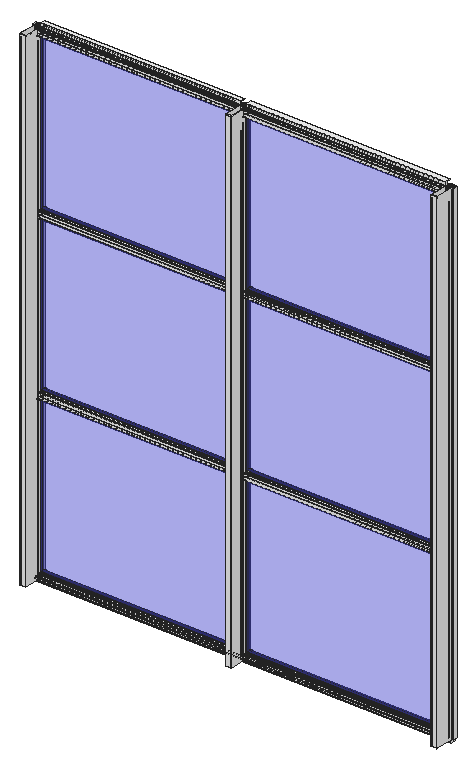
Revit family "Facade_60_Curtain_Wall_S23_Standard", category Windows, host Wall, Revit 2014
Parameters (values of type "F60-S23-4250-1000Pa")
  Windload Design [instance] = if(Custom Windload < 1001 mm, 1000 mm, if(Custom Windload < 1501 mm, 1500 mm, 2000 mm))  # 1000 mm
  Width [instance] = if(Custom Curtain Wall Width < Limit Door Width Min, Limit Door Width Min, if(Custom Curtain Wall Width > Limit Door Width Max, Limit Door Width Max, Custom Curtain Wall Width))  # 4190 mm
  Wall Thickness [instance] = 200 mm
  Vertical Profile Length [instance] = Height - Frame Bottom Gap  # 4960 mm
  URL = "http://www.crealco.co.za/crealco-products.php"
  Type Comments = ""
  Transom Vertical Spacing [instance] = (Height - Frame Bottom Gap - (4 mm * 60)) / 3  # 1573.333 mm
  Top Transom Top Gap [instance] = Transom Vertical Spacing + 60 mm  # 1633.333 mm
  Top Profile Overhang = 5.9 mm  # constant formula
  Thermal Resistance (R) [instance] = if(IGDB or SAGDB Number = 100100, 1.0000 (m²·K)/W / Intruderprufe U Value, if(IGDB or SAGDB Number = 100100, 1.0000 (m²·K)/W / Intruderprufe U Value, if(IGDB or SAGDB Number = 105003, 1.0000 (m²·K)/W / Intruderprufe Insulated U Value, if(IGDB or SAGDB Number = 105004, 1.0000 (m²·K)/W / Intruderprufe Insulated LowE U Value, 1.0000 (m²·K)/W / 7.9)))) * 1  # 0.126582 (m²·K)/W
  Thermal Break Material = Plastic, Opaque Black
  Solar Heat Gain Coefficient [instance] = if(IGDB or SAGDB Number = 100100, Intruderprufe SHGC Value, if(IGDB or SAGDB Number = 103200, Intruderprufe LowE SHGC Value, if(IGDB or SAGDB Number = 105003, Intruderprufe Insulated SHGC Value, if(IGDB or SAGDB Number = 105004, Intruderprufe Insulated LowE SHGC Value, 0))))  # 0
  Single Glazing [instance] = if(DG Forced, 1 = 0, not(Double Glazing))  # no
  Sill Height = 85 mm  # constant formula
  SG Forced [instance] = not(DG Forced)  # no
  Quarter Expansion Break = no
  Overall Width [instance] = 4190 mm
  Overall Height [instance] = 4990 mm
  Mullion Side Gap [instance] = (Width / 2) - 30 mm  # 2065 mm
  Mullion Configuration [instance] = if(Windload Design = 1000 mm, if(not(Height > 2490 mm), 1 mm, if(and(not(Height > 4990 mm), not(Width > 1790 mm)), 2 mm, 3 mm)), if(Windload Design = 1500 mm, if(Height > 2490 mm, 3 mm, if(Width > 2990 mm, 2 mm, 1 mm)), if(Height > 2490 mm, 3 mm, if(Width > 1790 mm, 2 mm, 1 mm))))  # 3 mm
  Model = "Façade 60 "  # constant formula
  Half Expansion Break = no
  Bottom Transom Bottom Gap [instance] = Transom Vertical Spacing + 30 mm + 60 mm  # 1663.333 mm
  Mid Glazing Bottom Gap [instance] = Frame Bottom Gap + 60 mm + Transom Vertical Spacing + 39.8 mm  # 1703.133 mm
  Max System DG Unit Thickness = 25 mm  # constant formula
  Max System DG One Piece Thickness [instance] = rounddown((Max System DG Unit Thickness - DG Gasket Thickness) / 2 mm) * 1 mm  # 6 mm
  Max Pane Area [instance] = Glazing Width * Glazing Height  # 3.30073 m²
  Manufacturer = "Crealco"  # constant formula
  Limit Door Width Min = (2 * Limit Panel Width Min) + (2 * Glazing Side Gap) + 19.6 mm  # 699.2 mm
  Limit Door Width Max = (2 * Limit Panel Width Max) + (2 * Glazing Side Gap) + 19.6 mm  # 6099.2 mm
  Limit Door Height Min = (3 * Limit Panel Height Min) + 69.8 mm + (2 mm * 19.6) + 39.8 mm  # 1048.8 mm
  Limit Door Height Max = (3 * Limit Panel Height Max) + 69.8 mm + (2 mm * 19.6) + 39.8 mm  # 18148.8 mm
  Limit Panel Width Min = 300 mm  # constant formula
  Limit Panel Width Max = 3000 mm  # constant formula
  Limit Panel Height Min = 300 mm  # constant formula
  Limit Panel Height Max = 6000 mm  # constant formula
  Sill Length [instance] = Width  # 4190 mm
  Length Sill [instance] = Width  # 4190 mm
  Keynote = ""
  Jamb Width = 60 mm  # constant formula
  Intruderprufe U Value = 5.71
  Intruderprufe SHGC Value = 0.716
  Intruderprufe LowE U Value = 4.17
  Intruderprufe LowE SHGC Value = 0.627
  Intruderprufe Insulated U Value = 3
  Intruderprufe Insulated SHGC Value = 0.616
  Intruderprufe Insulated LowE U Value = 2.34
  Intruderprufe Insulated LowE SHGC Value = 0.555
  Horizontal Profile Length [instance] = (Width - (2 * Jamb Width) - 60 mm) / 2  # 2005 mm
  Glazing Width [instance] = Horizontal Profile Length + (2 mm * 20.2)  # 2045.4 mm
  Glazing Top Gap = 39.8 mm  # constant formula
  Glazing Side Gap = 39.8 mm  # constant formula
  Glazing Height [instance] = (Height - Glazing Top Gap - Glazing Bottom Gap - (2 * (60 mm - 20.2 mm - 20.2 mm))) / 3  # 1613.733 mm
  Glazing Gap SG [instance] = (14 mm - SG Thickness) / 2  # 3 mm
  Glazing Gap DG [instance] = (28 mm - (DG Thickness + DG Thickness + DG Gasket Thickness)) / 2  # 2 mm
  Glazing Bottom Gap = 69.8 mm  # constant formula
  Frame Thickness = 101.8 mm  # constant formula
  Frame Bottom Gap = 30 mm  # constant formula
  Door Leaf Height [instance] = 2050 mm
  Double Glazing [instance] = yes
  DG Thickness Calc [instance] = if(not(Max Pane Area > 1.125 m²), 4 mm, if(not(Max Pane Area > 2.25 m²), 4 mm, if(not(Max Pane Area > 3.15 m²), 5 mm, if(not(Max Pane Area > 4.35 m²), 6 mm, if(not(Max Pane Area > 6.45 m²), 8 mm, 10 mm)))))  # 6 mm
  DG Thickness [instance] = if(IGDB or SAGDB Number = 105003, 6 mm, if(IGDB or SAGDB Number = 105004, 7 mm, if(DG Thickness Calc > Max System DG One Piece Thickness, Max System DG One Piece Thickness, DG Thickness Calc)))  # 6 mm
  DG Gasket Thickness = 12 mm  # constant formula
  DG Gasket Finish [instance] = Double Glazing Gasket Material
  DG Forced [instance] = if(IGDB or SAGDB Number = 100100, 1 = 0, if(IGDB or SAGDB Number = 103200, 1 = 0, if(IGDB or SAGDB Number = 105003, 1 = 1, if(IGDB or SAGDB Number = 105004, 1 = 1, Double Glazing))))  # yes
  IGDB or SAGDB Number [instance] = 0
  Height [instance] = if(Custom Curtain Wall Height < Limit Door Height Min, Limit Door Height Min, if(Custom Curtain Wall Height > Limit Door Height Max, Limit Door Height Max, Custom Curtain Wall Height))  # 4990 mm
  Heat Transfer Coefficient (U) [instance] = if(IGDB or SAGDB Number = 100100, Intruderprufe U Value, if(IGDB or SAGDB Number = 103200, Intruderprufe LowE U Value, if(IGDB or SAGDB Number = 105003, Intruderprufe Insulated U Value, if(IGDB or SAGDB Number = 105004, Intruderprufe Insulated LowE U Value, 7.9)))) * 1.0000 W/(m²·K)  # 7.9000 W/(m²·K)
  SG Thickness [instance] = if(IGDB or SAGDB Number = 100100, 6 mm, if(IGDB or SAGDB Number = 103200, 7 mm, if(not(Max Pane Area > 0.75 m²), 4 mm, if(not(Max Pane Area > 1.50 m²), 4 mm, if(not(Max Pane Area > 2.10 m²), 5 mm, if(not(Max Pane Area > 2.90 m²), 6.4 mm, if(not(Max Pane Area > 4.30 m²), 8 mm, 10 mm)))))))  # 8 mm
  Glazing Material [instance] = if(IGDB or SAGDB Number = 100100, "PFG INTRUDERPRUFE 6.38mm", if(IGDB or SAGDB Number = 103200, "PFG INTRUDERPRUFE LOW-E 7.38mm", if(IGDB or SAGDB Number = 105003, "PFG 25mm INTRUDERPRUFE INSULATED GLASS", if(IGDB or SAGDB Number = 105004, "PFG 25mm INTRUDERPRUFE INSULATED GLASS LOW-E", "Unknown"))))  # "Unknown"
  Glazing Finish [instance] = Glass
  Glazing Code [instance] = if(IGDB or SAGDB Number = 100100, "LAM01", if(IGDB or SAGDB Number = 103200, "LAM01E", if(IGDB or SAGDB Number = 105003, "IGU25", if(IGDB or SAGDB Number = 105004, "IGU25E", "Unknown"))))  # "Unknown"
  Frame Offset From Exterior [instance] = if(Centered In Wall, (Wall Thickness - Frame Thickness) / 2, Custom Offset From Exterior) + 5.9 mm  # 55 mm
  Description = "Curtain wall, S23 "  # constant formula
  Default Sill Height = 0 mm
  Wall Closure = By host
  Custom Curtain Wall Width = 4190 mm
  Custom Curtain Wall Height = 4990 mm
  Custom Windload = 1000 mm
  Custom Offset From Exterior = 0 mm
  Centered In Wall [instance] = 1 = 1  # yes
  Aluminium Finish [instance] = White Powder Coated Aluminium ANP 1052
  All Available Glazing Numbers [instance] = "The rows below list the available glazing materials for this window:"  # constant formula
  190mm Mullion [instance] = if(Mullion Configuration = 3 mm, 1 = 1, 1 = 0)  # yes
  160mm Mullion [instance] = if(Mullion Configuration = 2 mm, 1 = 1, 1 = 0)  # no
  105004 [instance] = "IGU25E"  # constant formula
  105003 [instance] = "IGU25"  # constant formula
  103200 [instance] = "LAM01E"  # constant formula
  100mm Mullion [instance] = if(or(Mullion Configuration = 2 mm, Mullion Configuration = 3 mm), 1 = 0, 1 = 1)  # no
  100100 [instance] = "LAM01"  # constant formula
Reference planes
  plane 1 "Center (Front/Back)": y = 0
  plane 2 "Center (Left/Right)": x = 0
  plane 3 "Left": x = -2095
  plane 4 "Right": x = 2095
  plane 5 "Sill": z = 0
  plane 6 "Head": z = 4990
  plane 7 "Exterior": y = 100
  plane 8 "Interior": y = -100
Lines and regions (mm)
  Opening 1
    outline origin (3507.082, -100, 0) x (1, 0, 0) y (0, 0, 1)
      loop
        line (-1412.082, 0) -> (-1412.082, 4990) -> (-5602.082, 4990) -> (-5602.082, 0) -> (-1412.082, 0)
Text (mm)
  text "EXTERIOR" at (-1963.203, 1332.353, 0), in view "Ref. Level"
  text "INTERIOR" at (-1981.466, -818.386, 0), in view "Ref. Level"
  text "Exterior" at (0, 923.751, 2943.296), in view "Right"
  text "Exterior" at (0, 1040.484, 2685.409), in view "Left"
Dimensions and locks
  equal spacing: plane 3 "Left", plane 2 "Center (Left/Right)", plane 4 "Right"
  "Width": plane 3 "Left" to plane 4 "Right"
  "Height": plane 5 "Sill" to plane 6 "Head"
  "Default Sill Height": plane 5 "Sill" to level
  locked: plane 7 "Exterior" to host wall at 0
  locked: plane 8 "Interior" to host wall
  "Overall Height": plane 6 "Head" to plane 5 "Sill"
  "Overall Width": plane 3 "Left" to plane 4 "Right"
  "Wall Thickness": host wall to host wall
  "Jamb Width": nested 3 to plane 4 "Right"
  "Jamb Width": nested 5 to plane 4 "Right"
  "Frame Bottom Gap": nested 5 to level
  "Frame Offset From Exterior": nested 1 to plane 7 "Exterior"
  "Glazing Side Gap": nested 6 to plane 4 "Right"
  "Glazing Top Gap": nested 6 to plane 6 "Head"
  "Glazing Gap SG": nested 6 to nested 1
  "Glazing Side Gap": nested 7 to plane 4 "Right"
  "Glazing Top Gap": nested 7 to plane 6 "Head"
  "Glazing Gap DG": nested 7 to nested 1
  "Mullion Side Gap": nested 8 to plane 4 "Right"
  "Frame Bottom Gap": nested 8 to level
  "Jamb Width": plane 3 "Left" to nested 10
  "Jamb Width": plane 3 "Left" to nested 9
  "Glazing Side Gap": plane 3 "Left" to nested 11
  "Glazing Side Gap": plane 3 "Left" to nested 12
  "Glazing Gap SG": nested 2 to nested 12
  "Glazing Gap DG": nested 2 to nested 11
  "Glazing Bottom Gap": nested 11 to level
  "Glazing Bottom Gap": nested 12 to level
  "Frame Bottom Gap": nested 9 to level
  "Bottom Transom Bottom Gap": nested 13 to level
  "Jamb Width": plane 3 "Left" to nested 13
  "Jamb Width": nested 14 to plane 4 "Right"
  "Glazing Bottom Gap": nested 15 to level
  "Glazing Bottom Gap": nested 16 to level
  "Glazing Top Gap": nested 17 to plane 6 "Head"
  "Glazing Top Gap": nested 18 to plane 6 "Head"
  "Glazing Side Gap": plane 3 "Left" to nested 18
  "Glazing Side Gap": plane 3 "Left" to nested 17
  "Glazing Side Gap": nested 15 to plane 4 "Right"
  "Glazing Side Gap": nested 16 to plane 4 "Right"
  "Glazing Gap SG": nested 16 to nested 1
  "Glazing Gap DG": nested 15 to nested 1
  "Glazing Gap SG": nested 2 to nested 18
  "Glazing Gap DG": nested 2 to nested 17
  "Jamb Width": nested 19 to plane 4 "Right"
  "Jamb Width": plane 3 "Left" to nested 20
  "Mid Glazing Bottom Gap": nested 22 to level
  "Mid Glazing Bottom Gap": nested 24 to level
  "Mid Glazing Bottom Gap": nested 21 to level
  "Mid Glazing Bottom Gap": nested 23 to level
  "Glazing Side Gap": plane 3 "Left" to nested 23
  "Glazing Side Gap": plane 3 "Left" to nested 21
  "Glazing Side Gap": nested 24 to plane 4 "Right"
  "Glazing Side Gap": nested 22 to plane 4 "Right"
  "Glazing Gap DG": nested 2 to nested 21
  "Glazing Gap SG": nested 2 to nested 23
  "Glazing Gap DG": nested 22 to nested 1
  "Glazing Gap SG": nested 24 to nested 1
  "Bottom Transom Bottom Gap": nested 14 to level
  "Top Transom Top Gap": nested 19 to plane 6 "Head"
  "Top Transom Top Gap": nested 20 to plane 6 "Head"
  host wall to host wall = 6600 mm
  aligned and locked: plane 4 "Right" to nested 1
  aligned and locked: nested 1 to plane 6 "Head"
  aligned and locked: plane 3 "Left" to nested 2
  aligned and locked: plane 6 "Head" to nested 2
  aligned and locked: nested 3 to plane 6 "Head"
  aligned and locked: nested 4 to level
  aligned and locked: plane 4 "Right" to nested 4
  aligned and locked: nested 1 to nested 2
  aligned and locked: nested 5 to nested 4
  aligned and locked: nested 8 to nested 2
  aligned and locked: nested 10 to plane 6 "Head"
  aligned and locked: nested 5 to nested 10
  aligned and locked: nested 5 to nested 9
  aligned and locked: nested 10 to nested 3
  aligned and locked: nested 10 to nested 2
  aligned and locked: nested 13 to nested 10
  aligned and locked: nested 14 to nested 3
  aligned and locked: nested 20 to nested 10
  aligned and locked: nested 19 to nested 3
Automatic sketch dimensions
  plane 3 "Left" to Opening 1 sketch curve = 0 mm
  plane 4 "Right" to Opening 1 sketch curve = 0 mm
  Opening 1 sketch curve to plane 5 "Sill" = 0 mm
  Opening 1 sketch curve to plane 6 "Head" = 0 mm
Nested families
  nested 1: "F60 Vertical Profile Side_S23_Std" at (2095, -1.058, 30) x (-1, 0, 0) z (0, 0, 1), Thermal Break Material <- "Thermal Break Material", Profile Material <- "Aluminium Finish", Length <- "Vertical Profile Length", Single Glazing <- "SG Forced", Double Glazing <- "DG Forced", 100mm Mullion <- "100mm Mullion", 160mm Mullion <- "160mm Mullion", 190mm Mullion <- "190mm Mullion", Quarter Expansion Break <- "Quarter Expansion Break", Half Expansion Break <- "Half Expansion Break", type "F60 Vertical Profile Side_S23_Std"
    with Thermal Break Material Plastic, Opaque Black, Single Glazing no, Quarter SG Expansion Break no, Quarter Length 1240 mm, Quarter Expansion Break no, Quarter DG Expansion Break no, Quarter 190mm Expansion Break no, Quarter 160mm Expansion Break no, Quarter 100mm Expansion Break no, Profile Material White Powder Coated Aluminium ANP 1052, Length 4960 mm, Half SG Expansion Break no, Half Length 2480 mm, Half Expansion Break no, Half DG Expansion Break no, Half 190mm Expansion Joint no, Half 160mm Expansion Break no, Half 100mm Expansion Break no, Double Glazing yes, 190mm Mullion yes, 160mm Mullion no, 100mm Mullion no
  nested 2: "F60 Vertical Profile Side_S23_Std" at (-2095, -1.058, 30), Thermal Break Material <- "Thermal Break Material", Profile Material <- "Aluminium Finish", Length <- "Vertical Profile Length", Single Glazing <- "SG Forced", Double Glazing <- "DG Forced", 100mm Mullion <- "100mm Mullion", 160mm Mullion <- "160mm Mullion", 190mm Mullion <- "190mm Mullion", Quarter Expansion Break <- "Quarter Expansion Break", Half Expansion Break <- "Half Expansion Break", type "F60 Vertical Profile Side_S23_Std"
    with Thermal Break Material Plastic, Opaque Black, Single Glazing no, Quarter SG Expansion Break no, Quarter Length 1240 mm, Quarter Expansion Break no, Quarter DG Expansion Break no, Quarter 190mm Expansion Break no, Quarter 160mm Expansion Break no, Quarter 100mm Expansion Break no, Profile Material White Powder Coated Aluminium ANP 1052, Length 4960 mm, Half SG Expansion Break no, Half Length 2480 mm, Half Expansion Break no, Half DG Expansion Break no, Half 190mm Expansion Joint no, Half 160mm Expansion Break no, Half 100mm Expansion Break no, Double Glazing yes, 190mm Mullion yes, 160mm Mullion no, 100mm Mullion no
  nested 3: "F60 Horizontal Profile Top_S23_Std" at (2035, -50.858, 4930) x (-1, 0, 0) z (0, 0, 1), Thermal Break Material <- "Thermal Break Material", Profile Material <- "Aluminium Finish", Length <- "Horizontal Profile Length", Single Glazing <- "SG Forced", Double Glazing <- "DG Forced", type "F60 Horizontal Profile Top_S23_Std"
    with Thermal Break Material Plastic, Opaque Black, Single Glazing no, Profile Material White Powder Coated Aluminium ANP 1052, Length 2005 mm, Double Glazing yes
  nested 4: "F60 Sill_S23_Std" at (2095, -13.486, -1.88) x (-1, 0, 0) z (0, 0, 1), Profile Material <- "Aluminium Finish", Length Sill <- "Length Sill", type "F60 Sill_S23_Std"
    with Profile Material White Powder Coated Aluminium ANP 1052, Length Sill 4190 mm
  nested 5: "F60 Horizontal Profile Bottom_S23_Std" at (2035, -50.858, 30) x (-1, 0, 0) z (0, 0, 1), Thermal Break Material <- "Thermal Break Material", Profile Material <- "Aluminium Finish", Length <- "Horizontal Profile Length", Single Glazing <- "SG Forced", Double Glazing <- "DG Forced", type "F60 Horizontal Profile Bottom_S23_Std"
    with Thermal Break Material Plastic, Opaque Black, Single Glazing no, Profile Material White Powder Coated Aluminium ANP 1052, Length 2005 mm, Double Glazing yes
  nested 6: "F60_Single_Glazing_S23_Std" at (2055.2, 9.942, 3336.467), Glazing Width <- "Glazing Width", Glazing Height <- "Glazing Height", SG Thickness <- "SG Thickness", Glazing Finish <- "Glazing Finish", visible <- "SG Forced", type "F60_Single_Glazing_S23_Std"
    with SG Thickness 8 mm, Glazing Width 2045.4 mm, Glazing Height 1613.733 mm, Glazing Finish Glass
  nested 7: "F60_Double_Glazing_S23_Std" at (2055.2, 24.942, 3336.467), Glazing Material <- "Glazing Finish", Double Glazing Gasket Material <- "DG Gasket Finish", Glazing Width <- "Glazing Width", Glazing Height <- "Glazing Height", Glazing Thickness DG <- "DG Thickness", Double Glazing Gasket Thickness <- "DG Gasket Thickness", visible <- "DG Forced", type "F60_Double_Glazing_S23_Std"
    with Glazing Width 2045.4 mm, Glazing Thickness DG 6 mm, Glazing Material Glass, Glazing Height 1613.733 mm, Double Glazing Gasket Thickness 12 mm, Double Glazing Gasket Material Double Glazing Gasket Material
  nested 8: "F60 Vertical Profile Middle_S23_Std" at (30, -1.058, 30) x (-1, 0, 0) z (0, 0, 1), Thermal Break Material <- "Thermal Break Material", Profile Material <- "Aluminium Finish", Single Glazing <- "SG Forced", Double Glazing <- "DG Forced", 190mm Mullion <- "190mm Mullion", 160mm Mullion <- "160mm Mullion", 100mm Mullion <- "100mm Mullion", Length <- "Vertical Profile Length", Half Expansion Break <- "Half Expansion Break", Quarter Expansion Break <- "Quarter Expansion Break", type "F60 Vertical Profile Middle_S23_Std"
    with Thermal Break Material Plastic, Opaque Black, Single Glazing no, Quarter SG Expansion Break no, Quarter Length 1240 mm, Quarter Expansion Break no, Quarter DG Expansion Break no, Quarter 190mm Expansion Break no, Quarter 160mm Expansion Break no, Quarter 100mm Expansion Break no, Profile Material White Powder Coated Aluminium ANP 1052, Length 4960 mm, Half SG Expansion Break no, Half Length 2480 mm, Half Expansion Break no, Half DG Expansion Break no, Half 190mm Expansion Joint no, Half 160mm Expansion Break no, Half 100mm Expansion Break no, Double Glazing yes, 190mm Mullion yes, 160mm Mullion no, 100mm Mullion no
  nested 9: "F60 Horizontal Profile Bottom_S23_Std" at (-30, -50.858, 30) x (-1, 0, 0) z (0, 0, 1), Thermal Break Material <- "Thermal Break Material", Profile Material <- "Aluminium Finish", Length <- "Horizontal Profile Length", Single Glazing <- "SG Forced", Double Glazing <- "DG Forced", type "F60 Horizontal Profile Bottom_S23_Std"
    with Thermal Break Material Plastic, Opaque Black, Single Glazing no, Profile Material White Powder Coated Aluminium ANP 1052, Length 2005 mm, Double Glazing yes
  nested 10: "F60 Horizontal Profile Top_S23_Std" at (-30, -50.858, 4930) x (-1, 0, 0) z (0, 0, 1), Thermal Break Material <- "Thermal Break Material", Profile Material <- "Aluminium Finish", Length <- "Horizontal Profile Length", Single Glazing <- "SG Forced", Double Glazing <- "DG Forced", type "F60 Horizontal Profile Top_S23_Std"
    with Thermal Break Material Plastic, Opaque Black, Single Glazing no, Profile Material White Powder Coated Aluminium ANP 1052, Length 2005 mm, Double Glazing yes
  nested 11: "F60_Double_Glazing_S23_Std" at (-9.8, 24.942, 69.8), Glazing Material <- "Glazing Finish", Double Glazing Gasket Material <- "DG Gasket Finish", Glazing Width <- "Glazing Width", Glazing Height <- "Glazing Height", Glazing Thickness DG <- "DG Thickness", Double Glazing Gasket Thickness <- "DG Gasket Thickness", visible <- "DG Forced", type "F60_Double_Glazing_S23_Std"
    with Glazing Width 2045.4 mm, Glazing Thickness DG 6 mm, Glazing Material Glass, Glazing Height 1613.733 mm, Double Glazing Gasket Thickness 12 mm, Double Glazing Gasket Material Double Glazing Gasket Material
  nested 12: "F60_Single_Glazing_S23_Std" at (-9.8, 9.942, 69.8), Glazing Width <- "Glazing Width", Glazing Height <- "Glazing Height", SG Thickness <- "SG Thickness", Glazing Finish <- "Glazing Finish", visible <- "SG Forced", type "F60_Single_Glazing_S23_Std"
    with SG Thickness 8 mm, Glazing Width 2045.4 mm, Glazing Height 1613.733 mm, Glazing Finish Glass
  nested 13: "F60 Horizontal Profile Middle_S23_Std" at (-30, -50.858, 1663.333) x (-1, 0, 0) z (0, 0, 1), Thermal Break Material <- "Thermal Break Material", Profile Material <- "Aluminium Finish", Length <- "Horizontal Profile Length", Single Glazing <- "SG Forced", Double Glazing <- "DG Forced", type "F60 Horizontal Profile Middle_S23_Std"
    with Thermal Break Material Plastic, Opaque Black, Single Glazing no, Profile Material White Powder Coated Aluminium ANP 1052, Length 2005 mm, Double Glazing yes
  nested 14: "F60 Horizontal Profile Middle_S23_Std" at (2035, -50.858, 1663.333) x (-1, 0, 0) z (0, 0, 1), Thermal Break Material <- "Thermal Break Material", Profile Material <- "Aluminium Finish", Length <- "Horizontal Profile Length", Single Glazing <- "SG Forced", Double Glazing <- "DG Forced", type "F60 Horizontal Profile Middle_S23_Std"
    with Thermal Break Material Plastic, Opaque Black, Single Glazing no, Profile Material White Powder Coated Aluminium ANP 1052, Length 2005 mm, Double Glazing yes
  nested 15: "F60_Double_Glazing_S23_Std" at (2055.2, 24.942, 69.8), Glazing Material <- "Glazing Finish", Double Glazing Gasket Material <- "DG Gasket Finish", Glazing Width <- "Glazing Width", Glazing Height <- "Glazing Height", Glazing Thickness DG <- "DG Thickness", Double Glazing Gasket Thickness <- "DG Gasket Thickness", visible <- "DG Forced", type "F60_Double_Glazing_S23_Std"
    with Glazing Width 2045.4 mm, Glazing Thickness DG 6 mm, Glazing Material Glass, Glazing Height 1613.733 mm, Double Glazing Gasket Thickness 12 mm, Double Glazing Gasket Material Double Glazing Gasket Material
  nested 16: "F60_Single_Glazing_S23_Std" at (2055.2, 9.942, 69.8), Glazing Width <- "Glazing Width", Glazing Height <- "Glazing Height", SG Thickness <- "SG Thickness", Glazing Finish <- "Glazing Finish", visible <- "SG Forced", type "F60_Single_Glazing_S23_Std"
    with SG Thickness 8 mm, Glazing Width 2045.4 mm, Glazing Height 1613.733 mm, Glazing Finish Glass
  nested 17: "F60_Double_Glazing_S23_Std" at (-9.8, 24.942, 3336.467), Glazing Material <- "Glazing Finish", Double Glazing Gasket Material <- "DG Gasket Finish", Glazing Width <- "Glazing Width", Glazing Height <- "Glazing Height", Glazing Thickness DG <- "DG Thickness", Double Glazing Gasket Thickness <- "DG Gasket Thickness", visible <- "DG Forced", type "F60_Double_Glazing_S23_Std"
    with Glazing Width 2045.4 mm, Glazing Thickness DG 6 mm, Glazing Material Glass, Glazing Height 1613.733 mm, Double Glazing Gasket Thickness 12 mm, Double Glazing Gasket Material Double Glazing Gasket Material
  nested 18: "F60_Single_Glazing_S23_Std" at (-9.8, 9.942, 3336.467), Glazing Width <- "Glazing Width", Glazing Height <- "Glazing Height", SG Thickness <- "SG Thickness", Glazing Finish <- "Glazing Finish", visible <- "SG Forced", type "F60_Single_Glazing_S23_Std"
    with SG Thickness 8 mm, Glazing Width 2045.4 mm, Glazing Height 1613.733 mm, Glazing Finish Glass
  nested 19: "F60 Horizontal Profile Middle_S23_Std" at (2035, -50.858, 3296.667) x (-1, 0, 0) z (0, 0, 1), Thermal Break Material <- "Thermal Break Material", Profile Material <- "Aluminium Finish", Length <- "Horizontal Profile Length", Single Glazing <- "SG Forced", Double Glazing <- "DG Forced", type "F60 Horizontal Profile Middle_S23_Std"
    with Thermal Break Material Plastic, Opaque Black, Single Glazing no, Profile Material White Powder Coated Aluminium ANP 1052, Length 2005 mm, Double Glazing yes
  nested 20: "F60 Horizontal Profile Middle_S23_Std" at (-30, -50.858, 3296.667) x (-1, 0, 0) z (0, 0, 1), Thermal Break Material <- "Thermal Break Material", Profile Material <- "Aluminium Finish", Length <- "Horizontal Profile Length", Single Glazing <- "SG Forced", Double Glazing <- "DG Forced", type "F60 Horizontal Profile Middle_S23_Std"
    with Thermal Break Material Plastic, Opaque Black, Single Glazing no, Profile Material White Powder Coated Aluminium ANP 1052, Length 2005 mm, Double Glazing yes
  nested 21: "F60_Double_Glazing_S23_Std" at (-9.8, 24.942, 1703.133), Glazing Material <- "Glazing Finish", Double Glazing Gasket Material <- "DG Gasket Finish", Glazing Width <- "Glazing Width", Glazing Height <- "Glazing Height", Glazing Thickness DG <- "DG Thickness", Double Glazing Gasket Thickness <- "DG Gasket Thickness", visible <- "DG Forced", type "F60_Double_Glazing_S23_Std"
    with Glazing Width 2045.4 mm, Glazing Thickness DG 6 mm, Glazing Material Glass, Glazing Height 1613.733 mm, Double Glazing Gasket Thickness 12 mm, Double Glazing Gasket Material Double Glazing Gasket Material
  nested 22: "F60_Double_Glazing_S23_Std" at (2055.2, 24.942, 1703.133), Glazing Material <- "Glazing Finish", Double Glazing Gasket Material <- "DG Gasket Finish", Glazing Width <- "Glazing Width", Glazing Height <- "Glazing Height", Glazing Thickness DG <- "DG Thickness", Double Glazing Gasket Thickness <- "DG Gasket Thickness", visible <- "DG Forced", type "F60_Double_Glazing_S23_Std"
    with Glazing Width 2045.4 mm, Glazing Thickness DG 6 mm, Glazing Material Glass, Glazing Height 1613.733 mm, Double Glazing Gasket Thickness 12 mm, Double Glazing Gasket Material Double Glazing Gasket Material
  nested 23: "F60_Single_Glazing_S23_Std" at (-9.8, 9.942, 1703.133), Glazing Width <- "Glazing Width", Glazing Height <- "Glazing Height", SG Thickness <- "SG Thickness", Glazing Finish <- "Glazing Finish", visible <- "SG Forced", type "F60_Single_Glazing_S23_Std"
    with SG Thickness 8 mm, Glazing Width 2045.4 mm, Glazing Height 1613.733 mm, Glazing Finish Glass
  nested 24: "F60_Single_Glazing_S23_Std" at (2055.2, 9.942, 1703.133), Glazing Width <- "Glazing Width", Glazing Height <- "Glazing Height", SG Thickness <- "SG Thickness", Glazing Finish <- "Glazing Finish", visible <- "SG Forced", type "F60_Single_Glazing_S23_Std"
    with SG Thickness 8 mm, Glazing Width 2045.4 mm, Glazing Height 1613.733 mm, Glazing Finish Glass
Definition of nested family "F60 Vertical Profile Side_S23_Std"
  Parameters (values of type "F60 Vertical Profile Side")
    Quarter SG Expansion Break [instance] = if(and(Quarter Expansion Break, Single Glazing), 1 = 1, 1 = 0)  # yes
    Quarter Length [instance] = Length / 4  # 62.5 mm
    Thermal Break Material [instance] = none
    Single Glazing [instance] = yes
    Quarter Expansion Break [instance] = yes
    Quarter DG Expansion Break [instance] = if(and(Quarter Expansion Break, Double Glazing), 1 = 1, 1 = 0)  # yes
    Quarter 190mm Expansion Break [instance] = if(and(Quarter Expansion Break, [190mm Mullion]), 1 = 1, 1 = 0)  # yes
    Quarter 160mm Expansion Break [instance] = if(and(Quarter Expansion Break, [160mm Mullion]), 1 = 1, 1 = 0)  # yes
    Quarter 100mm Expansion Break [instance] = if(and(Quarter Expansion Break, [100mm Mullion]), 1 = 1, 1 = 0)  # yes
    Profile Material [instance] = none
    Length [instance] = 250 mm
    Half SG Expansion Break [instance] = if(and(Half Expansion Break, Single Glazing), 1 = 1, 1 = 0)  # yes
    Half Length [instance] = Length / 2  # 125 mm
    Half Expansion Break [instance] = yes
    Half DG Expansion Break [instance] = if(and(Half Expansion Break, Double Glazing), 1 = 1, 1 = 0)  # yes
    Half 190mm Expansion Joint [instance] = if(and(Half Expansion Break, [190mm Mullion]), 1 = 1, 1 = 0)  # yes
    Half 160mm Expansion Break [instance] = if(and(Half Expansion Break, [160mm Mullion]), 1 = 1, 1 = 0)  # yes
    Half 100mm Expansion Break [instance] = if(and(Half Expansion Break, [100mm Mullion]), 1 = 1, 1 = 0)  # yes
    Double Glazing [instance] = yes
    190mm Mullion [instance] = yes
    160mm Mullion [instance] = yes
    100mm Mullion [instance] = yes
  Reference planes
    plane 1 "Center (Front/Back)": y = 0
    plane 2: z = 0
    plane 3 "Center (Left/Right)": x = 0
  Forms (mm)
    Extrusion 1, solid, material <- "Profile Material"
      sketch origin (0, 0, 0) x (1, 0, 0) y (0, 1, 0)
        loop
          arc (25.249, -8.7) -> (25.484, -9.266) -> (26.049, -9.5) r 0.8
          line (26.049, -9.5) -> (27.1, -9.5) -> (27.1, 7) -> (32.902, 7) -> (32.902, -9.5) -> (33.951, -9.5)
          arc (33.951, -9.5) -> (34.516, -9.266) -> (34.751, -8.7) r 0.8
          line (34.751, -8.7) -> (34.751, 6.2)
          arc (34.751, 6.2) -> (34.985, 6.766) -> (35.551, 7) r 0.8
          line (35.551, 7) -> (52.1, 7) -> (52.1, 5.4) -> (50.55, 5.4) -> (50.55, 4.55)
          arc (50.55, 4.55) -> (50.726, 4.126) -> (51.15, 3.95) r 0.6
          line (51.15, 3.95) -> (52.1, 3.95) -> (52.1, 1)
          arc (52.1, 1) -> (51.6, 0.5) -> (52.1, 0) r 0.5
          line (52.1, 0) -> (54.45, 0) -> (54.45, 1.15) -> (53.3, 1.15) -> (53.3, 2.45) -> (58.8, 2.45) -> (58.8, 1.15) -> (57.65, 1.15) -> (57.65, 0) -> (59.5, 0)
          arc (59.5, 0) -> (59.854, 0.146) -> (60, 0.5) r 0.5
          line (60, 0.5) -> (60, 3.9) -> (53.55, 3.9) -> (53.55, 7.6)
          arc (53.55, 7.6) -> (53.316, 8.166) -> (52.75, 8.4) r 0.8
          line (52.75, 8.4) -> (30, 8.4) -> (7.25, 8.4)
          arc (7.25, 8.4) -> (6.684, 8.166) -> (6.45, 7.6) r 0.8
          line (6.45, 7.6) -> (6.45, 3.9) -> (0, 3.9) -> (0, 0.5)
          arc (0, 0.5) -> (0.146, 0.146) -> (0.5, 0) r 0.5
          line (0.5, 0) -> (2.35, 0) -> (2.35, 1.15) -> (1.2, 1.15) -> (1.2, 2.45) -> (6.7, 2.45) -> (6.7, 1.15) -> (5.55, 1.15) -> (5.55, 0) -> (7.9, 0)
          arc (7.9, 0) -> (8.4, 0.5) -> (7.9, 1) r 0.5
          line (7.9, 1) -> (7.9, 3.95) -> (8.85, 3.95)
          arc (8.85, 3.95) -> (9.274, 4.126) -> (9.45, 4.55) r 0.6
          line (9.45, 4.55) -> (9.45, 5.4) -> (7.9, 5.4) -> (7.9, 7) -> (24.449, 7)
          arc (24.449, 7) -> (25.015, 6.766) -> (25.249, 6.2) r 0.8
          line (25.249, 6.2) -> (25.249, -8.7)
      from 0 to 250 <- "Length"
    Extrusion 2, solid, material <- "Thermal Break Material"
      sketch origin (0, 0, 0) x (1, 0, 0) y (0, 1, 0)
        loop
          line (1.75, 9.8) -> (1.75, 5.2) -> (0, 5.2) -> (0, 3.9) -> (6.35, 3.9) -> (6.35, 7.856)
          arc (6.35, 7.856) -> (6.526, 8.281) -> (6.95, 8.456) r 0.6
          line (6.95, 8.456) -> (30, 8.456) -> (53.05, 8.456)
          arc (53.05, 8.456) -> (53.474, 8.281) -> (53.65, 7.856) r 0.6
          line (53.65, 7.856) -> (53.65, 3.9) -> (60, 3.9) -> (60, 5.2) -> (58.25, 5.2) -> (58.25, 9.8) -> (30, 9.8) -> (1.75, 9.8)
      from 0 to 250 <- "Length"
    Extrusion 3, solid, material <- "Thermal Break Material", visible <- "Single Glazing"
      sketch origin (0, 0, 0) x (1, 0, 0) y (0, 1, 0)
        loop
          line (25.749, -14.011) -> (27.672, -14.011) -> (28.481, -12.611) -> (31.518, -12.611) -> (32.327, -14.011) -> (34.249, -14.011)
          arc (34.249, -14.011) -> (34.603, -13.864) -> (34.749, -13.511) r 0.5
          line (34.749, -13.511) -> (34.749, -10.011)
          arc (34.749, -10.011) -> (34.603, -9.657) -> (34.249, -9.511) r 0.5
          line (34.249, -9.511) -> (32.352, -9.511) -> (32.352, 0.19) -> (31.349, 2.261)
          arc (31.349, 2.261) -> (29.999, 2.986) -> (28.649, 2.261) r 1.62
          line (28.649, 2.261) -> (27.647, 0.19) -> (27.647, -9.511) -> (25.749, -9.511)
          arc (25.749, -9.511) -> (25.396, -9.657) -> (25.249, -10.011) r 0.5
          line (25.249, -10.011) -> (25.249, -13.511)
          arc (25.249, -13.511) -> (25.396, -13.864) -> (25.749, -14.011) r 0.5
        loop
          line (28.504, -10.005) -> (28.504, -10.861)
          arc (28.504, -10.861) -> (28.651, -11.214) -> (29.004, -11.361) r 0.5
          line (29.004, -11.361) -> (30.994, -11.361)
          arc (30.994, -11.361) -> (31.348, -11.214) -> (31.494, -10.861) r 0.5
          line (31.494, -10.861) -> (31.494, -10.005) -> (30.708, -9.219)
          arc (30.708, -9.219) -> (30.383, -9.001) -> (29.999, -8.924) r 1.007
          arc (29.999, -8.924) -> (29.616, -8.999) -> (29.292, -9.217) r 0.986
          line (29.292, -9.217) -> (28.504, -10.005)
        loop
          arc (30.896, 1.935) -> (29.887, 2.44) -> (29.005, 1.735) r 1.047
          line (29.005, 1.735) -> (28.347, 0.374) -> (28.347, -6.993)
          arc (28.347, -6.993) -> (28.583, -7.417) -> (29.068, -7.441) r 0.5
          arc (29.068, -7.441) -> (29.999, -7.223) -> (30.93, -7.441) r 2.099
          arc (30.93, -7.441) -> (31.416, -7.417) -> (31.652, -6.993) r 0.5
          line (31.652, -6.993) -> (31.652, 0.374) -> (30.896, 1.935)
      from 0 to 250 <- "Length"
    Extrusion 4, solid, material <- "Profile Material", visible <- "Single Glazing"
      sketch origin (0, 0, 0) x (1, 0, 0) y (0, 1, 0)
        loop
          line (52.693, -14.011) -> (32.327, -14.011) -> (31.519, -12.611) -> (28.481, -12.611) -> (27.673, -14.011) -> (7.307, -14.011) -> (7.307, -15.011) -> (8.457, -15.011) -> (8.457, -16.261) -> (2.957, -16.261) -> (2.957, -15.011) -> (4.107, -15.011) -> (4.107, -14.011) -> (1.707, -14.011)
          arc (1.707, -14.011) -> (1.199, -14.293) -> (1.168, -14.873) r 0.6
          line (1.168, -14.873) -> (2.093, -16.772) -> (1.015, -17.298) -> (1.484, -18.261) -> (11.488, -18.261)
          arc (11.488, -18.261) -> (11.913, -18.085) -> (12.088, -17.661) r 0.6
          line (12.088, -17.661) -> (12.088, -16.811) -> (47.912, -16.811) -> (47.912, -17.661)
          arc (47.912, -17.661) -> (48.088, -18.085) -> (48.512, -18.261) r 0.6
          line (48.512, -18.261) -> (58.518, -18.261) -> (58.987, -17.298) -> (57.908, -16.772) -> (58.834, -14.874)
          arc (58.834, -14.874) -> (58.802, -14.293) -> (58.293, -14.011) r 0.6
          line (58.293, -14.011) -> (55.893, -14.011) -> (55.893, -15.011) -> (57.043, -15.011) -> (57.043, -16.261) -> (51.543, -16.261) -> (51.543, -15.011) -> (52.693, -15.011) -> (52.693, -14.011)
      from 0 to 250 <- "Length"
    Extrusion 5, solid, material <- "Profile Material", visible <- "Single Glazing"
      sketch origin (0, 0, 0) x (1, 0, 0) y (0, 1, 0)
        loop
          line (2.801, -18.261) -> (1.484, -18.261) -> (1.015, -17.298) -> (2.093, -16.772) -> (0.779, -14.076)
          arc (0.779, -14.076) -> (0.239, -14.21) -> (0.001, -14.713) r 0.65
          line (0.001, -14.713) -> (0.001, -28.068)
          arc (0.001, -28.068) -> (1.172, -30.897) -> (4.001, -32.068) r 4
          line (4.001, -32.068) -> (30.001, -32.068) -> (56.001, -32.068)
          arc (56.001, -32.068) -> (58.829, -30.897) -> (60.001, -28.068) r 4
          line (60.001, -28.068) -> (60.001, -14.713)
          arc (60.001, -14.713) -> (59.763, -14.21) -> (59.223, -14.076) r 0.65
          line (59.223, -14.076) -> (57.908, -16.772) -> (58.987, -17.298) -> (58.518, -18.261) -> (57.201, -18.261)
          arc (57.201, -18.261) -> (56.83, -18.425) -> (56.703, -18.811) r 0.5
          arc (56.703, -18.811) -> (56.83, -19.196) -> (57.201, -19.361) r 0.5
          line (57.201, -19.361) -> (58.951, -19.361) -> (58.951, -27.968)
          arc (58.951, -27.968) -> (58.131, -29.948) -> (56.151, -30.768) r 2.8
          line (56.151, -30.768) -> (30.001, -30.768) -> (3.851, -30.768)
          arc (3.851, -30.768) -> (1.871, -29.948) -> (1.051, -27.968) r 2.8
          line (1.051, -27.968) -> (1.051, -19.361) -> (2.801, -19.361)
          arc (2.801, -19.361) -> (3.172, -19.196) -> (3.298, -18.811) r 0.5
          arc (3.298, -18.811) -> (3.172, -18.425) -> (2.801, -18.261) r 0.5
      from 0 to 250 <- "Length"
    Extrusion 6, solid, material <- "Profile Material", visible <- "100mm Mullion"
      sketch origin (0, 0, 0) x (1, 0, 0) y (0, 1, 0)
        loop
          line (14.02, 13) -> (45.98, 13)
          arc (45.98, 13) -> (46.539, 12.842) -> (46.917, 12.4) r 1
          arc (46.917, 12.4) -> (47.285, 11.963) -> (47.833, 11.8) r 1
          line (47.833, 11.8) -> (58.15, 11.8) -> (58.15, 96.3) -> (47.833, 96.3)
          arc (47.833, 96.3) -> (47.285, 96.137) -> (46.917, 95.7) r 1
          arc (46.917, 95.7) -> (46.548, 95.263) -> (46, 95.1) r 1
          line (46, 95.1) -> (14, 95.1)
          arc (14, 95.1) -> (13.452, 95.263) -> (13.083, 95.7) r 1
          arc (13.083, 95.7) -> (12.715, 96.137) -> (12.167, 96.3) r 1
          line (12.167, 96.3) -> (1.85, 96.3) -> (1.85, 11.8) -> (12.167, 11.8)
          arc (12.167, 11.8) -> (12.715, 11.963) -> (13.083, 12.4) r 1
          arc (13.083, 12.4) -> (13.461, 12.842) -> (14.02, 13) r 1
        loop
          line (1.65, 9.856) -> (58.35, 9.856) -> (58.35, 5.2) -> (60, 5.2) -> (60, 98.8)
          arc (60, 98.8) -> (59.707, 99.507) -> (59, 99.8) r 1
          line (59, 99.8) -> (1, 99.8)
          arc (1, 99.8) -> (0.293, 99.507) -> (0, 98.8) r 1
          line (0, 98.8) -> (0, 5.2) -> (1.65, 5.2) -> (1.65, 9.856)
      from 0 to 250 <- "Length"
    Extrusion 7, solid, material <- "Profile Material", visible <- "160mm Mullion"
      sketch origin (0, 0, 0) x (1, 0, 0) y (0, 1, 0)
        loop
          arc (2.35, 15.6) -> (2.526, 15.176) -> (2.95, 15) r 0.6
          line (2.95, 15) -> (57.05, 15)
          arc (57.05, 15) -> (57.474, 15.176) -> (57.65, 15.6) r 0.6
          line (57.65, 15.6) -> (57.65, 153.7)
          arc (57.65, 153.7) -> (57.474, 154.124) -> (57.05, 154.3) r 0.6
          line (57.05, 154.3) -> (47.833, 154.3)
          arc (47.833, 154.3) -> (47.285, 154.137) -> (46.917, 153.7) r 1
          arc (46.917, 153.7) -> (46.548, 153.263) -> (46, 153.1) r 1
          line (46, 153.1) -> (14, 153.1)
          arc (14, 153.1) -> (13.452, 153.263) -> (13.083, 153.7) r 1
          arc (13.083, 153.7) -> (12.715, 154.137) -> (12.167, 154.3) r 1
          line (12.167, 154.3) -> (2.95, 154.3)
          arc (2.95, 154.3) -> (2.526, 154.124) -> (2.35, 153.7) r 0.6
          line (2.35, 153.7) -> (2.35, 15.6)
        loop
          arc (1, 159.8) -> (0.293, 159.507) -> (0, 158.8) r 1
          line (0, 158.8) -> (0, 5.2) -> (1.65, 5.2) -> (1.65, 10.013) -> (58.35, 10.013) -> (58.35, 5.2) -> (60, 5.2) -> (60, 158.8)
          arc (60, 158.8) -> (59.707, 159.507) -> (59, 159.8) r 1
          line (59, 159.8) -> (1, 159.8)
      from 0 to 250 <- "Length"
    Extrusion 8, solid, material <- "Profile Material", visible <- "190mm Mullion"
      sketch origin (0, 0, 0) x (1, 0, 0) y (0, 1, 0)
        loop
          line (57.25, 15.1) -> (57.25, 178.3)
          arc (57.25, 178.3) -> (56.957, 179.007) -> (56.25, 179.3) r 1
          line (56.25, 179.3) -> (3.75, 179.3)
          arc (3.75, 179.3) -> (3.043, 179.007) -> (2.75, 178.3) r 1
          line (2.75, 178.3) -> (2.75, 15.1)
          arc (2.75, 15.1) -> (2.984, 14.534) -> (3.55, 14.3) r 0.8
          line (3.55, 14.3) -> (56.45, 14.3)
          arc (56.45, 14.3) -> (57.016, 14.534) -> (57.25, 15.1) r 0.8
        loop
          line (60, 5.2) -> (60, 188.8)
          arc (60, 188.8) -> (59.707, 189.507) -> (59, 189.8) r 1
          line (59, 189.8) -> (1, 189.8)
          arc (1, 189.8) -> (0.293, 189.507) -> (0, 188.8) r 1
          line (0, 188.8) -> (0, 5.2) -> (1.65, 5.2) -> (1.65, 9.856) -> (58.35, 9.856) -> (58.35, 5.2) -> (60, 5.2)
      from 0 to 250 <- "Length"
    Extrusion 9, solid, material <- "Thermal Break Material", visible <- "Double Glazing"
      sketch origin (0, 0, 0) x (1, 0, 0) y (0, 1, 0)
        loop
          line (27.672, -28) -> (28.48, -26.6) -> (31.518, -26.6) -> (32.326, -28) -> (34.249, -28)
          arc (34.249, -28) -> (34.603, -27.854) -> (34.749, -27.5) r 0.5
          line (34.749, -27.5) -> (34.749, -10)
          arc (34.749, -10) -> (34.603, -9.646) -> (34.249, -9.5) r 0.5
          line (34.249, -9.5) -> (32.352, -9.5) -> (32.352, 0.198) -> (31.348, 2.272)
          arc (31.348, 2.272) -> (29.998, 2.997) -> (28.648, 2.272) r 1.62
          line (28.648, 2.272) -> (27.645, 0.201) -> (27.645, -9.5) -> (25.749, -9.5)
          arc (25.749, -9.5) -> (25.396, -9.646) -> (25.249, -10) r 0.5
          line (25.249, -10) -> (25.249, -27.5)
          arc (25.249, -27.5) -> (25.396, -27.854) -> (25.749, -28) r 0.5
          line (25.749, -28) -> (27.672, -28)
        loop
          arc (30.706, -9.206) -> (30.382, -8.99) -> (29.999, -8.913) r 1.007
          arc (29.999, -8.913) -> (29.616, -8.988) -> (29.292, -9.206) r 0.986
          line (29.292, -9.206) -> (27.142, -11.356)
          arc (27.142, -11.356) -> (26.926, -11.68) -> (26.849, -12.063) r 1
          line (26.849, -12.063) -> (26.849, -24)
          arc (26.849, -24) -> (27.142, -24.707) -> (27.849, -25) r 1
          line (27.849, -25) -> (32.149, -25)
          arc (32.149, -25) -> (32.856, -24.707) -> (33.149, -24) r 1
          line (33.149, -24) -> (33.149, -12.063)
          arc (33.149, -12.063) -> (33.073, -11.68) -> (32.856, -11.356) r 1
          line (32.856, -11.356) -> (30.706, -9.206)
        loop
          arc (28.345, -6.982) -> (28.581, -7.407) -> (29.067, -7.43) r 0.5
          arc (29.067, -7.43) -> (29.998, -7.213) -> (30.929, -7.43) r 2.099
          arc (30.929, -7.43) -> (31.414, -7.407) -> (31.651, -6.982) r 0.5
          line (31.651, -6.982) -> (31.651, 0.385) -> (30.895, 1.946)
          arc (30.895, 1.946) -> (29.885, 2.45) -> (29.004, 1.745) r 1.047
          line (29.004, 1.745) -> (28.345, 0.385) -> (28.345, -6.982)
      from 0 to 250 <- "Length"
    Extrusion 10, solid, material <- "Profile Material", visible <- "Double Glazing"
      sketch origin (0, 0, 0) x (1, 0, 0) y (0, 1, 0)
        loop
          line (52.692, -28) -> (32.327, -28) -> (31.518, -26.6) -> (28.48, -26.6) -> (27.672, -28) -> (7.306, -28) -> (7.306, -29) -> (8.456, -29) -> (8.456, -30.25) -> (2.956, -30.25) -> (2.956, -29) -> (4.106, -29) -> (4.106, -28) -> (1.706, -28)
          arc (1.706, -28) -> (1.198, -28.282) -> (1.167, -28.863) r 0.6
          line (1.167, -28.863) -> (2.093, -30.762) -> (1.014, -31.288) -> (1.483, -32.25) -> (11.488, -32.25)
          arc (11.488, -32.25) -> (11.912, -32.074) -> (12.088, -31.65) r 0.6
          line (12.088, -31.65) -> (12.088, -30.8) -> (47.911, -30.8) -> (47.911, -31.65)
          arc (47.911, -31.65) -> (48.087, -32.074) -> (48.511, -32.25) r 0.6
          line (48.511, -32.25) -> (58.517, -32.25) -> (58.986, -31.288) -> (57.907, -30.762) -> (58.833, -28.864)
          arc (58.833, -28.864) -> (58.801, -28.282) -> (58.292, -28) r 0.6
          line (58.292, -28) -> (55.892, -28) -> (55.892, -29) -> (57.042, -29) -> (57.042, -30.25) -> (51.542, -30.25) -> (51.542, -29) -> (52.692, -29) -> (52.692, -28)
      from 0 to 250 <- "Length"
    Extrusion 11, solid, material <- "Profile Material", visible <- "Double Glazing"
      sketch origin (0, 0, 0) x (1, 0, 0) y (0, 1, 0)
        loop
          line (2.8, -32.25) -> (1.483, -32.25) -> (1.014, -31.288) -> (2.093, -30.762) -> (0.778, -28.065)
          arc (0.778, -28.065) -> (0.238, -28.2) -> (0, -28.702) r 0.65
          line (0, -28.702) -> (0, -42.058)
          arc (0, -42.058) -> (1.172, -44.886) -> (4, -46.058) r 4
          line (4, -46.058) -> (30, -46.058) -> (56, -46.058)
          arc (56, -46.058) -> (58.828, -44.886) -> (60, -42.058) r 4
          line (60, -42.058) -> (60, -28.702)
          arc (60, -28.702) -> (59.762, -28.2) -> (59.222, -28.065) r 0.65
          line (59.222, -28.065) -> (57.907, -30.762) -> (58.986, -31.288) -> (58.517, -32.25) -> (57.2, -32.25)
          arc (57.2, -32.25) -> (56.829, -32.415) -> (56.703, -32.8) r 0.5
          arc (56.703, -32.8) -> (56.829, -33.185) -> (57.2, -33.35) r 0.5
          line (57.2, -33.35) -> (58.95, -33.35) -> (58.95, -41.958)
          arc (58.95, -41.958) -> (58.13, -43.938) -> (56.15, -44.758) r 2.8
          line (56.15, -44.758) -> (30, -44.758) -> (3.85, -44.758)
          arc (3.85, -44.758) -> (1.87, -43.938) -> (1.05, -41.958) r 2.8
          line (1.05, -41.958) -> (1.05, -33.35) -> (2.8, -33.35)
          arc (2.8, -33.35) -> (3.171, -33.185) -> (3.297, -32.8) r 0.5
          arc (3.297, -32.8) -> (3.171, -32.415) -> (2.8, -32.25) r 0.5
      from 0 to 250 <- "Length"
    Extrusion 12, solid, material <- "Profile Material", visible <- "Single Glazing"
      sketch origin (0, 0, 0) x (1, 0, 0) y (0, 1, 0)
        loop
          line (10.403, -10.171) -> (10.403, -3.821) -> (-21.349, -3.821) -> (-21.349, -35.567) -> (-14.999, -35.567) -> (-14.999, -10.171) -> (10.403, -10.171)
      from 0 to 250 <- "Length"
    Extrusion 13, solid, material <- "Profile Material", visible <- "Double Glazing"
      sketch origin (0, 0, 0) x (1, 0, 0) y (0, 1, 0)
        loop
          line (10.402, -7.775) -> (10.402, -1.425) -> (-21.35, -1.425) -> (-21.35, -33.172) -> (-15, -33.172) -> (-15, -7.775) -> (10.402, -7.775)
      from 0 to 250 <- "Length"
    Extrusion 14, solid, material <- "Profile Material", visible <- "Double Glazing"
      sketch origin (0, 0, 0) x (1, 0, 0) y (0, 1, 0)
        loop
          line (12, -7.775) -> (0, -7.775) -> (0, -25.775) -> (12, -25.775) -> (12, -7.775)
        loop
          line (10.8, -8.975) -> (1.2, -8.975) -> (1.2, -24.575) -> (10.8, -24.575) -> (10.8, -8.975)
      from 0 to 250 <- "Length"
  Lines and regions (mm)
    model lines, style "GenericModelHiddenLines", visible <- "Half 100mm Expansion Break"
      curve 1: line (60, 5.2, 125) -> (60, 95.2, 125)
      curve 2: line (60, 99.8, 125) -> (0, 99.8, 125)
      curve 8: line (0, 5.2, 125) -> (0, 95.2, 125)
    model lines, style "GenericModelHiddenLines", visible <- "Quarter 100mm Expansion Break"
      curve 3: line (60, 5.2, 187.5) -> (60, 95.2, 187.5)
      curve 4: line (60, 5.2, 62.5) -> (60, 95.2, 62.5)
      curve 5: line (60, 99.8, 62.5) -> (0, 99.8, 62.5)
      curve 6: line (60, 99.8, 187.5) -> (0, 99.8, 187.5)
      curve 7: line (0, 5.2, 187.5) -> (0, 95.2, 187.5)
      curve 9: line (0, 5.2, 62.5) -> (0, 95.2, 62.5)
    model lines, style "GenericModelHiddenLines", visible <- "Half SG Expansion Break"
      curve 10: line (4.107, -32.068, 125) -> (55.893, -32.068, 125)
      curve 14: line (60.001, -14.011, 125) -> (60.001, -32.068, 125)
    model lines, style "GenericModelHiddenLines", visible <- "Quarter SG Expansion Break"
      curve 11: line (4.107, -32.068, 187.5) -> (56.703, -32.068, 187.5)
      curve 12: line (4.107, -32.068, 62.5) -> (56.703, -32.068, 62.5)
      curve 13: line (60.001, -14.011, 187.5) -> (60.001, -32.068, 187.5)
      curve 15: line (60.001, -14.011, 62.5) -> (60.001, -32.068, 62.5)
    model lines, style "GenericModelHiddenLines", visible <- "Quarter 160mm Expansion Break"
      curve 16: line (0, 5.2, 187.5) -> (0, 155.2, 187.5)
      curve 18: line (0, 5.2, 62.5) -> (0, 155.2, 62.5)
      curve 19: line (0, 159.8, 187.5) -> (60, 159.8, 187.5)
      curve 21: line (0, 159.8, 62.5) -> (60, 159.8, 62.5)
      curve 22: line (60, 5.2, 187.5) -> (60, 155.2, 187.5)
      curve 24: line (60, 5.2, 62.5) -> (60, 155.2, 62.5)
    model lines, style "GenericModelHiddenLines", visible <- "Half 160mm Expansion Break"
      curve 17: line (0, 5.2, 125) -> (0, 155.2, 125)
      curve 20: line (0, 159.8, 125) -> (60, 159.8, 125)
      curve 23: line (60, 5.2, 125) -> (60, 155.2, 125)
    model lines, style "GenericModelHiddenLines", visible <- "Quarter 190mm Expansion Break"
      curve 25: line (0, 5.2, 187.5) -> (0, 185.2, 187.5)
      curve 27: line (0, 5.2, 62.5) -> (0, 185.2, 62.5)
      curve 28: line (0.779, 189.8, 187.5) -> (59.222, 189.8, 187.5)
      curve 30: line (0.779, 189.8, 62.5) -> (59.222, 189.8, 62.5)
      curve 31: line (60, 5.2, 187.5) -> (60, 185.2, 187.5)
      curve 33: line (60, 5.2, 62.5) -> (60, 185.2, 62.5)
    model lines, style "GenericModelHiddenLines", visible <- "Half 190mm Expansion Joint"
      curve 26: line (0, 5.2, 125) -> (0, 185.2, 125)
      curve 29: line (0.779, 189.8, 125) -> (59.222, 189.8, 125)
      curve 32: line (60, 5.2, 125) -> (60, 185.2, 125)
    model lines, style "GenericModelHiddenLines", visible <- "Quarter DG Expansion Break"
      curve 34: line (60, -28.065, 187.5) -> (60, -46.074, 187.5)
      curve 36: line (60, -28.065, 62.5) -> (60, -46.027, 62.5)
      curve 37: line (59.222, -46.058, 187.5) -> (0.779, -46.058, 187.5)
      curve 39: line (59.222, -46.058, 62.5) -> (0.779, -46.058, 62.5)
    model lines, style "GenericModelHiddenLines", visible <- "Half DG Expansion Break"
      curve 35: line (60, -28.065, 125) -> (60, -46.074, 125)
      curve 38: line (59.222, -46.058, 125) -> (0.779, -46.058, 125)
  Dimensions and locks
    "Half Length": curve 1 to level
    "Half Length": level to curve 2
    "Quarter Length": curve 4 to level
    "Quarter Length": Extrusion 8 to curve 3
    "Quarter Length": level to curve 5
    "Quarter Length": curve 6 to Extrusion 6
    "Quarter Length": curve 9 to level
    "Half Length": curve 8 to level
    "Quarter Length": Extrusion 8 to curve 7
    "Quarter Length": curve 12 to level
    "Half Length": curve 10 to level
    "Quarter Length": Extrusion 5 to curve 11
    "Quarter Length": curve 15 to level
    "Half Length": curve 14 to level
    "Quarter Length": Extrusion 5 to curve 13
    "Quarter Length": Extrusion 7 to curve 18
    "Half Length": Extrusion 7 to curve 17
    "Quarter Length": Extrusion 7 to curve 16
    "Quarter Length": Extrusion 7 to curve 21
    "Quarter Length": curve 19 to Extrusion 7
    "Half Length": Extrusion 7 to curve 20
    "Quarter Length": Extrusion 7 to curve 24
    "Quarter Length": Extrusion 7 to curve 22
    "Half Length": Extrusion 7 to curve 23
    "Quarter Length": Extrusion 8 to curve 27
    "Quarter Length": Extrusion 8 to curve 25
    "Half Length": Extrusion 8 to curve 26
    "Quarter Length": Extrusion 8 to curve 30
    "Quarter Length": curve 28 to Extrusion 8
    "Half Length": Extrusion 8 to curve 29
    "Quarter Length": Extrusion 8 to curve 33
    "Quarter Length": Extrusion 8 to curve 31
    "Half Length": Extrusion 8 to curve 32
    "Quarter Length": Extrusion 11 to curve 36
    "Quarter Length": Extrusion 11 to curve 34
    "Half Length": Extrusion 11 to curve 35
    "Quarter Length": Extrusion 11 to curve 37
    "Quarter Length": curve 39 to Extrusion 11
    "Half Length": curve 38 to Extrusion 11
    aligned and locked: level to plane 2
  Automatic sketch dimensions
    Extrusion 1 sketch curve to plane 3 "Center (Left/Right)" = 0 mm
    plane 1 "Center (Front/Back)" to Extrusion 1 sketch curve = 0 mm  (x4)
    plane 3 "Center (Left/Right)" to Extrusion 1 sketch curve = 0.5 mm
    Extrusion 1 sketch curve to Extrusion 1 sketch curve = 0.7 mm  (x2)
    Extrusion 1 sketch curve to Extrusion 1 sketch curve = 1.15 mm  (x4)
    Extrusion 1 sketch curve to Extrusion 1 sketch curve = 3.2 mm  (x2)
    Extrusion 1 sketch curve to Extrusion 1 sketch curve = 0.9 mm
    Extrusion 1 sketch curve to Extrusion 1 sketch curve = 0.25 mm
    Extrusion 1 sketch curve to Extrusion 1 sketch curve = 0.8 mm  (x7)
    Extrusion 1 sketch curve to Extrusion 1 sketch curve = 1.45 mm  (x2)
    Extrusion 1 sketch curve to Extrusion 1 sketch curve = 0.65 mm  (x3)
    Extrusion 1 sketch curve to Extrusion 1 sketch curve = 0.95 mm  (x3)
    Extrusion 1 sketch curve to Extrusion 1 sketch curve = 0.6 mm  (x3)
    Extrusion 1 sketch curve to plane 1 "Center (Front/Back)" = 7 mm
    Extrusion 1 sketch curve to Extrusion 1 sketch curve = 14.999 mm  (x2)
    plane 1 "Center (Front/Back)" to Extrusion 1 sketch curve = 8.7 mm
    Extrusion 1 sketch curve to Extrusion 1 sketch curve = 1.85 mm
    Extrusion 1 sketch curve to Extrusion 1 sketch curve = 2.9 mm
    Extrusion 1 sketch curve to Extrusion 1 sketch curve = 5.802 mm
    Extrusion 1 sketch curve to Extrusion 1 sketch curve = 1.049 mm
    Extrusion 1 sketch curve to plane 1 "Center (Front/Back)" = 4.55 mm
    Extrusion 1 sketch curve to plane 1 "Center (Front/Back)" = 0.5 mm  (x3)
    Extrusion 1 sketch curve to Extrusion 1 sketch curve = 1.2 mm
    Extrusion 1 sketch curve to plane 1 "Center (Front/Back)" = 1.15 mm  (x2)
    Extrusion 1 sketch curve to Extrusion 1 sketch curve = 0 mm
    Extrusion 1 sketch curve to Extrusion 1 sketch curve = 1.3 mm  (x2)
    Extrusion 1 sketch curve to Extrusion 1 sketch curve = 0.05 mm  (x2)
    Extrusion 1 sketch curve to Extrusion 1 sketch curve = 0.85 mm  (x2)
    Extrusion 1 sketch curve to plane 1 "Center (Front/Back)" = 6.2 mm
    Extrusion 2 sketch curve to plane 3 "Center (Left/Right)" = 0 mm
    plane 3 "Center (Left/Right)" to Extrusion 2 sketch curve = 1.75 mm
    Extrusion 2 sketch curve to Extrusion 2 sketch curve = 4.6 mm  (x4)
    Extrusion 2 sketch curve to Extrusion 2 sketch curve = 0.6 mm  (x2)
    Extrusion 2 sketch curve to plane 1 "Center (Front/Back)" = 9.8 mm
    Extrusion 2 sketch curve to Extrusion 2 sketch curve = 23.05 mm  (x2)
    Extrusion 2 sketch curve to Extrusion 2 sketch curve = 0 mm
    Extrusion 2 sketch curve to plane 1 "Center (Front/Back)" = 8.456 mm
    Extrusion 2 sketch curve to Extrusion 2 sketch curve = 1.75 mm
    Extrusion 2 sketch curve to plane 1 "Center (Front/Back)" = 3.9 mm  (x2)
    plane 3 "Center (Left/Right)" to Extrusion 3 sketch curve = 25.249 mm
    Extrusion 3 sketch curve to Extrusion 3 sketch curve = 0.5 mm  (x6)
    Extrusion 3 sketch curve to plane 1 "Center (Front/Back)" = 0.19 mm  (x2)
    Extrusion 3 sketch curve to Extrusion 3 sketch curve = 1.897 mm  (x2)
    Extrusion 3 sketch curve to Extrusion 3 sketch curve = 1.922 mm  (x2)
    Extrusion 3 sketch curve to plane 1 "Center (Front/Back)" = 0.374 mm  (x2)
    Extrusion 3 sketch curve to Extrusion 3 sketch curve = 0.7 mm  (x2)
    plane 1 "Center (Front/Back)" to Extrusion 3 sketch curve = 12.611 mm
    Extrusion 3 sketch curve to Extrusion 3 sketch curve = 0.809 mm
    Extrusion 3 sketch curve to Extrusion 3 sketch curve = 0.858 mm
    Extrusion 3 sketch curve to plane 1 "Center (Front/Back)" = 2.261 mm  (x2)
    Extrusion 3 sketch curve to Extrusion 3 sketch curve = 0.303 mm
    Extrusion 3 sketch curve to plane 1 "Center (Front/Back)" = 1.735 mm
    Extrusion 3 sketch curve to Extrusion 3 sketch curve = 0.356 mm
    plane 1 "Center (Front/Back)" to Extrusion 3 sketch curve = 9.217 mm
    Extrusion 3 sketch curve to Extrusion 3 sketch curve = 0.788 mm
    Extrusion 3 sketch curve to Extrusion 3 sketch curve = 0.701 mm
    Extrusion 3 sketch curve to Extrusion 3 sketch curve = 0.003 mm
    Extrusion 3 sketch curve to Extrusion 3 sketch curve = 0.992 mm
    Extrusion 3 sketch curve to Extrusion 3 sketch curve = 0.006 mm
    Extrusion 3 sketch curve to Extrusion 3 sketch curve = 0.002 mm
    plane 1 "Center (Front/Back)" to Extrusion 3 sketch curve = 9.219 mm
    Extrusion 3 sketch curve to Extrusion 3 sketch curve = 0.709 mm
    Extrusion 3 sketch curve to plane 1 "Center (Front/Back)" = 1.935 mm
    Extrusion 3 sketch curve to Extrusion 3 sketch curve = 0.899 mm
    Extrusion 3 sketch curve to Extrusion 3 sketch curve = 0.998 mm
    Extrusion 3 sketch curve to Extrusion 3 sketch curve = 0.444 mm
    Extrusion 3 sketch curve to Extrusion 3 sketch curve = 0.524 mm
    Extrusion 3 sketch curve to Extrusion 3 sketch curve = 0.756 mm
    Extrusion 3 sketch curve to Extrusion 3 sketch curve = 0.808 mm
    Extrusion 3 sketch curve to Extrusion 3 sketch curve = 0.9 mm  (x2)
    Extrusion 3 sketch curve to Extrusion 3 sketch curve = 1.25 mm
    Extrusion 3 sketch curve to Extrusion 3 sketch curve = 0.85 mm  (x2)
    Extrusion 3 sketch curve to Extrusion 3 sketch curve = 0.856 mm  (x2)
    Extrusion 3 sketch curve to Extrusion 3 sketch curve = 0.714 mm
    Extrusion 3 sketch curve to Extrusion 3 sketch curve = 0.02 mm
    Extrusion 3 sketch curve to Extrusion 3 sketch curve = 0.399 mm
    Extrusion 3 sketch curve to Extrusion 3 sketch curve = 2.224 mm
    Extrusion 3 sketch curve to Extrusion 3 sketch curve = 0.448 mm
    Extrusion 3 sketch curve to Extrusion 3 sketch curve = 0.032 mm
    Extrusion 3 sketch curve to Extrusion 3 sketch curve = 0 mm
    plane 3 "Center (Left/Right)" to Extrusion 4 sketch curve = 1.015 mm
    Extrusion 4 sketch curve to Extrusion 4 sketch curve = 0.469 mm
    plane 3 "Center (Left/Right)" to Extrusion 4 sketch curve = 1.707 mm
    Extrusion 4 sketch curve to Extrusion 4 sketch curve = 1.079 mm
    Extrusion 4 sketch curve to Extrusion 4 sketch curve = 0.864 mm
    Extrusion 4 sketch curve to Extrusion 4 sketch curve = 1.15 mm  (x4)
    Extrusion 4 sketch curve to Extrusion 4 sketch curve = 3.2 mm  (x2)
    Extrusion 4 sketch curve to Extrusion 4 sketch curve = 3.031 mm  (x2)
    Extrusion 4 sketch curve to Extrusion 4 sketch curve = 0.6 mm  (x3)
    Extrusion 4 sketch curve to Extrusion 4 sketch curve = 15.584 mm  (x2)
    plane 1 "Center (Front/Back)" to Extrusion 4 sketch curve = 12.611 mm
    Extrusion 4 sketch curve to Extrusion 4 sketch curve = 0.808 mm  (x2)
    Extrusion 4 sketch curve to Extrusion 4 sketch curve = 3.038 mm
    plane 1 "Center (Front/Back)" to Extrusion 4 sketch curve = 14.011 mm
    plane 1 "Center (Front/Back)" to Extrusion 4 sketch curve = 16.772 mm
    Extrusion 4 sketch curve to Extrusion 4 sketch curve = 0.865 mm
    Extrusion 4 sketch curve to Extrusion 4 sketch curve = 1.25 mm  (x4)
    plane 1 "Center (Front/Back)" to Extrusion 4 sketch curve = 18.261 mm
    Extrusion 4 sketch curve to Extrusion 4 sketch curve = 0.61 mm
    plane 1 "Center (Front/Back)" to Extrusion 4 sketch curve = 17.298 mm
    Extrusion 4 sketch curve to Extrusion 4 sketch curve = 5.65 mm
    Extrusion 4 sketch curve to Extrusion 4 sketch curve = 0.962 mm
    Extrusion 4 sketch curve to Extrusion 4 sketch curve = 0.85 mm
    Extrusion 4 sketch curve to Extrusion 4 sketch curve = 0.512 mm  (x2)
    Extrusion 4 sketch curve to Extrusion 4 sketch curve = 1 mm  (x2)
    Extrusion 4 sketch curve to Extrusion 4 sketch curve = 0.4 mm  (x2)
    Extrusion 4 sketch curve to Extrusion 4 sketch curve = 1.4 mm
    Extrusion 4 sketch curve to Extrusion 4 sketch curve = 0.539 mm  (x2)
    Extrusion 4 sketch curve to Extrusion 4 sketch curve = 0 mm
    plane 1 "Center (Front/Back)" to Extrusion 4 sketch curve = 14.874 mm
    plane 3 "Center (Left/Right)" to Extrusion 5 sketch curve = 0.001 mm
